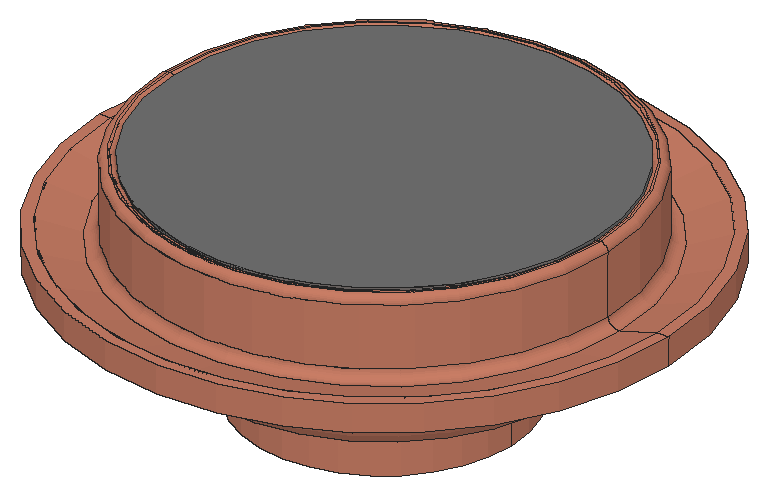
Revit family
Parameters (values of type "2130-06")
  Weight (lb) = 35.26
  Waste Connection = no
  Warranty = "1 year material and workmanship"  # constant formula
  Vent Connection = no
  URL = "http://www.jrsmith.com"
  Threaded = yes
  Technical and Installation = "http://www.jrsmith.com/products/floor/tech_data_index.htm"
  SmartBIM Object Version = 3  # constant formula
  SmartBIM Object Created By = "Reed Construction Data"  # constant formula
  Push On = yes
  Product URL = "http://www.jrsmith.com/products/floor/submittal/d2130.pdf"
  Pipe Diameter = 6"
  Pipe Radius = Pipe Diameter / 2  # 3"
  Outlet Diameter = "6\""
  OmniClass Title = "Sanitary Drains"  # constant formula
  OmniClass Code = "22-22 13 19 13"  # constant formula
  No Hub = yes
  Model = "2130"  # constant formula
  Material Finish = Duco Coated
  Material = Cast Iron
  Manufacturer = "Jay R. Smith Mfg. Co. "  # constant formula
  Free Area (sq. in) = "28.5"  # constant formula
  Flow Rate = ""
  Description = ""
  Default Elevation = 0"
  Connection Type = ""
  Caulk = yes
  B = 3 3/4"
  Assembly Code = "D2030300"
  95 CSI = "15155"  # constant formula
  04 CSI = "22 13 19"  # constant formula
Types (5): name | Weight (lb) | Pipe Diameter | Pipe Radius | Outlet Diameter | Description
  2130-02 | 36.51 | 2" | 1" | "2\"" | "Duco cast iron body and flashing collar with cast iron bar grate"
  2130-03 | 37.66 | 3" | 1 1/2" | "3\"" | ""
  2130-04 | 38.24 | 4" | 2" | "4\"" | ""
  2130-05 | 37.05 | 5" | 2 1/2" | "5\"" | ""
  2130-06 | 35.26 | 6" | 3" | "6\"" | ""
Reference planes (in)
  plane 1 "Center (Front/Back)": y = 0
  plane 2: z = 0
  plane 3 "Center (Left/Right)": x = 0
  plane 4: x = -7.625
  plane 5: x = 7.625
  plane 6: x = -3
  plane 7: x = 3
  plane 8: z = 0.125
  plane 9: z = -3.40541
  plane 10: x = -6
  plane 11: x = 6
Dimensions and locks (in)
  plane 4 to plane 5 = 15 1/4"
  plane 5 to plane 4 = 15 1/4"
  equal spacing: plane 7, plane 3 "Center (Left/Right)", plane 6
  "Pipe Diameter": plane 7 to plane 6
  plane 11 to plane 10 = 12"
  locked: plane 8 to level at 0.125
  aligned and locked: level to plane 2
  aligned and locked: plane 1 "Center (Front/Back)" to nested 1
  aligned and locked: plane 3 "Center (Left/Right)" to nested 1
  aligned and locked: plane 8 to nested 1
Nested families (in)
  nested 1: "2130_JRSmith" at (0, 0, -2.21959), type "2130"
Connectors (in)
  piping at (0, 0, -5.625), driven by "Pipe Radius"
    settings: on nested 1, index 1
Definition of nested family "2130_JRSmith"
  Parameters (values of type "2130")
    Weight (lb) = 35.26
    Waste Connection = no
    Warranty = "1 year material and workmanship"  # constant formula
    Vent Connection = no
    URL = "http://www.jrsmith.com"
    Threaded = yes
    Technical and Installation = "http://www.jrsmith.com/products/floor/tech_data_index.htm"
    SmartBIM Object Version = 3  # constant formula
    SmartBIM Object Created By = "Reed Construction Data"  # constant formula
    Push On = yes
    Product URL = "http://www.jrsmith.com/products/floor/submittal/d2130.pdf"
    Pipe Diameter = 6"
    Pipe Radius = Pipe Diameter / 2  # 3"
    Outlet Diameter = "6\""
    OmniClass Title = "Sanitary Drains"  # constant formula
    OmniClass Code = "22-22 13 19 13"  # constant formula
    No Hub = yes
    Model = "2130"  # constant formula
    Material Finish = Duco Coated
    Material = Cast Iron
    Manufacturer = "Jay R. Smith Mfg. Co. "  # constant formula
    Free Area (sq. in) = "28.5"  # constant formula
    Flow Rate = ""
    Description = ""
    Default Elevation = 0"
    Connection Type = ""
    Caulk = yes
    B = 3 3/4"
    Assembly Code = "D2030300"
    95 CSI = "15155"  # constant formula
    04 CSI = "22 13 19"  # constant formula
  Reference planes (in)
    plane 1 "Center (Front/Back)": y = 0
    plane 2: z = 0
    plane 3 "Center (Left/Right)": x = 0
    plane 4: x = -7.625
    plane 5: x = 7.625
    plane 6: x = -3
    plane 7: x = 3
    plane 8: z = 0.34459
    plane 9: z = 2.34459
    plane 10: z = -3.40541
    plane 11: x = -6
    plane 12: x = 6
  Forms (in)
    Revolve 1, solid, material "Cast Iron" <- "Material"
      sketch origin (0, 0, 0) x (1, 0, 0) y (0, 0, 1)
        loop
          line (5.43448, -0.86229) -> (5.43448, -0.69276)
          arc (5.43448, -0.69276) -> (5.46038, -0.61635) -> (5.52741, -0.57146) r 0.12563
          line (5.52741, -0.57146) -> (7.625, 0) -> (7.625, 0.68919) -> (7.34122, 0.68919) -> (6.32279, 0.37923)
          arc (6.32279, 0.37923) -> (6.10117, 0.41753) -> (6, 0.6184) r 0.25
          line (6, 0.6184) -> (6, 2.14459)
          arc (6, 2.14459) -> (5.94142, 2.28602) -> (5.8, 2.34459) r 0.2
          line (5.8, 2.34459) -> (5.75096, 2.34459)
          arc (5.75096, 2.34459) -> (5.66796, 2.31306) -> (5.62683, 2.23438) r 0.125
          line (5.62683, 2.23438) -> (5.62683, 1.72441) -> (4.6831, 1.7244) -> (4.6831, 1.50069)
          arc (4.6831, 1.50069) -> (4.71989, 1.41212) -> (4.80862, 1.37569) r 0.125
          line (4.80862, 1.37569) -> (5.49892, 1.37858) -> (5.49892, 0.32801)
          arc (5.49892, 0.32801) -> (5.29598, -0.16193) -> (4.80604, -0.36486) r 0.69287
          line (4.80604, -0.36486) -> (3.77703, -0.36487)
          arc (3.77703, -0.36487) -> (3.68864, -0.40148) -> (3.65203, -0.48987) r 0.125
          line (3.65203, -0.48987) -> (3.65203, -1.47973) -> (3.27373, -1.47973) -> (3.27373, -1.86486) -> (3.125, -1.86486)
          arc (3.125, -1.86486) -> (3.03661, -1.90147) -> (3, -1.98986) r 0.125
          line (3, -1.98986) -> (3, -3.40541) -> (3.40541, -3.40541) -> (3.40541, -2.51843)
          arc (3.40541, -2.51843) -> (3.49042, -2.3132) -> (3.69565, -2.22819) r 0.29025
          line (3.69565, -2.22819) -> (3.87201, -2.22819)
          arc (3.87201, -2.22819) -> (3.93118, -2.20367) -> (3.95569, -2.1445) r 0.08369
          line (3.95569, -2.1445) -> (3.95569, -1.99502)
          arc (3.95569, -1.99502) -> (3.99533, -1.89933) -> (4.09103, -1.85969) r 0.13533
          line (4.09103, -1.85969) -> (4.43708, -1.85969)
          arc (4.43708, -1.85969) -> (5.14235, -1.56756) -> (5.43448, -0.86229) r 0.9974
        axis (0, 2.34459) -> (0, -3.40541)
      angle from 0 to 360
    Extrusion 2, solid, material "Duco Coated" <- "Material Finish"
      sketch origin (0, 0, 0) x (1, 0, 0) y (0, 1, 0)
        loop
          circle (0, 0) r 5.62683
      from 1.72441 to 2.34459
  Dimensions and locks (in)
    plane 4 to plane 5 = 15 1/4"
    plane 5 to plane 4 = 15 1/4"
    locked: Revolve 1 sketch curve to plane 3 "Center (Left/Right)" at 3.27373
    equal spacing: plane 7, plane 3 "Center (Left/Right)", plane 6
    "Pipe Diameter": plane 7 to plane 6
    locked: Revolve 1 sketch curve to Revolve 1 sketch curve at 0.40541
    Revolve 1 sketch curve to plane 3 "Center (Left/Right)" = 5.49892"
    "B": plane 8 to plane 10
    plane 9 to plane 8 = 2"
    plane 12 to plane 11 = 12"
    aligned and locked: level to plane 2
    aligned and locked: Revolve 1 sketch curve to plane 7
    aligned and locked: Revolve 1 sketch curve to plane 10
  Automatic sketch dimensions
    Revolve 1 sketch curve to plane 3 "Center (Left/Right)" = 0"
    Revolve 1 sketch curve to plane 12 = 0"
    Revolve 1 sketch curve to plane 5 = 0"
    Revolve 1 sketch curve to level = 0"
    Revolve 1 sketch curve to plane 7 = 1/8"
    Revolve 1 sketch curve to Revolve 1 sketch curve = 0.29025"
    Revolve 1 sketch curve to Revolve 1 sketch curve = 0.3783"
    Revolve 1 sketch curve to Revolve 1 sketch curve = 1/8"  (x2)
    Revolve 1 sketch curve to Revolve 1 sketch curve = 0"
    Revolve 1 sketch curve to Revolve 1 sketch curve = 0.59828"
    Revolve 1 sketch curve to Revolve 1 sketch curve = 0.08369"
    Revolve 1 sketch curve to Revolve 1 sketch curve = 0.13533"
    Revolve 1 sketch curve to Revolve 1 sketch curve = 0.34606"
    Revolve 1 sketch curve to Revolve 1 sketch curve = 0.81582"
    plane 8 to Revolve 1 sketch curve = 0.01659"
    Revolve 1 sketch curve to Revolve 1 sketch curve = 0.69287"
    Revolve 1 sketch curve to Revolve 1 sketch curve = 0.36896"
    Revolve 1 sketch curve to Revolve 1 sketch curve = 0.00052"
    Revolve 1 sketch curve to plane 12 = 0.56552"
    Revolve 1 sketch curve to Revolve 1 sketch curve = 0.09293"
    Revolve 1 sketch curve to Revolve 1 sketch curve = 0.0327"
    plane 9 to Revolve 1 sketch curve = 0.11022"
    Revolve 1 sketch curve to plane 12 = 0.37317"
    Revolve 1 sketch curve to plane 9 = 0"
    Revolve 1 sketch curve to Revolve 1 sketch curve = 0.12412"
    Revolve 1 sketch curve to Revolve 1 sketch curve = 0.04904"
    Revolve 1 sketch curve to Revolve 1 sketch curve = 1/4"
    Revolve 1 sketch curve to plane 8 = 0.03464"
    Revolve 1 sketch curve to Revolve 1 sketch curve = 0.07279"
    plane 5 to Revolve 1 sketch curve = 0.28378"
    Revolve 1 sketch curve to Revolve 1 sketch curve = 0.88697"
    Revolve 1 sketch curve to Revolve 1 sketch curve = 0.14948"
    Revolve 1 sketch curve to Revolve 1 sketch curve = 0.52857"
    Revolve 1 sketch curve to level = 1.54509"
    Revolve 1 sketch curve to Revolve 1 sketch curve = 0.38513"
    Revolve 1 sketch curve to Revolve 1 sketch curve = 0.16953"
    Revolve 1 sketch curve to level = 0.48987"
    Revolve 1 sketch curve to plane 8 = 0.34459"
    plane 9 to Revolve 1 sketch curve = 0.9689"
    Revolve 1 sketch curve to Revolve 1 sketch curve = 0.00289"
    plane 9 to Revolve 1 sketch curve = 0.57291"
    Revolve 1 sketch curve to Revolve 1 sketch curve = 0.22371"
    Revolve 1 sketch curve to Revolve 1 sketch curve = 0.34583"
    Extrusion 2 sketch curve to plane 1 "Center (Front/Back)" = 0"
    Extrusion 2 sketch curve to plane 3 "Center (Left/Right)" = 0"
    radius of Extrusion 2 sketch curve = 5.62683"
